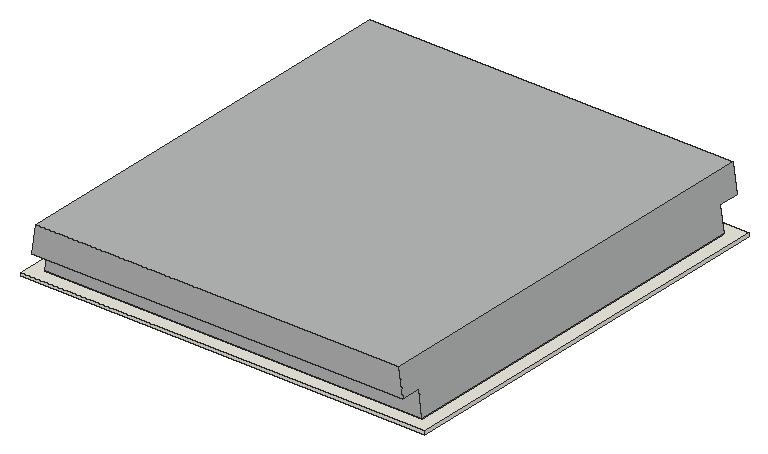
Revit family "OPERLUX", category Осветительные приборы, Revit 2019 (continued)
Types (8, lengths in mm): name | Файл фотометрической сетки | built-in parameter 1150105 | Lumens | built-in parameter 1150106 | built-in parameter 1150142 | Wattage | ADSK_Ток | ADSK_Полная мощность | ADSK_Обозначение | ADSK_Номинальная мощность | ADSK_Наименование | ADSK_Код изделия
  CSVT Operlux - 34/opal-sand (IP20, 4000К, грильято) с БАП на 3 часа | "Светильник OPERLUX-34 PRISMA-(588x588).IES" | 246.69 (stored number, unit not read) | 3100 lm | 2.4669 (stored number, unit not read) | "IESNA:LM-63-95\r\n[TEST] Протокол № 50\r\n[DATA] 17.06.2016\r\n[MORE] \r\n[MANUFAC] ЗАО \"Центрстройсвет\"\r\n[LUMCAT]  Светильник OPERLUX-34/PRISMA-(588x588) \r\n[LUMINAIRE]\r\n[LAMPCAT] Светодиоды\r\n[LAMP] Поток источника света (светодиодов) не известен\r\n[MORE] КСС приведена в абсолютных величинах кд\r\n[MORE] Вместо потока лампы, указан поток светильника.\r\nTILT=NONE\r\n1    3050 1.0 37 73 1 2 0.588 0.588 0.08\r\n1.0 1.0 34\r\n0.0 5.0 10.0 15.0 20.0 25.0 30.0 35.0 40.0 45.0 50.0 55.0 60.0 65.0 70.0 75.0 80.0 85.0 90.0 95.0 100.0 105.0 110.0 115.0 120.0 125.0 130.0 135.0 140.0 145.0 150.0 155.0 160.0 165.0 170.0 175.0 180.0\r\n0.0 5.0 10.0 15.0 20.0 25.0 30.0 35.0 40.0 45.0 50.0 55.0 60.0 65.0 70.0 75.0 80.0 85.0 90.0 95.0 100.0 105.0 110.0 115.0 120.0 125.0 130.0 135.0 140.0 145.0 150.0 155.0 160.0 165.0 170.0 175.0 180.0 185.0 190.0 195.0 200.0 205.0 210.0 215.0 220.0 225.0 230.0 235.0 240.0 245.0 250.0 255.0 260.0 265.0 270.0 275.0 280.0 285.0 290.0 295.0 300.0 305.0 310.0 315.0 320.0 325.0 330.0 335.0 340.0 345.0 350.0 355.0 360.0\r\n1367.8 1364.1 1339.9 1310.7 1251.0 1171.4 1077.9 956.5 826.9 709.2 591.4 468.7 352.2 267.2 190.7 130.0 88.6 43.5 5.5 0.0 0.0 0.0 0.0 0.0 0.0 0.0 0.0 0.0 0.0 0.0 0.0 0.0 0.0 0.0 0.0 0.0 0.0\r\n1367.8 1365.7 1344.6 1309.2 1251.5 1175.2 1073.4 954.2 830.4 711.2 594.6 469.5 356.0 268.7 191.9 132.6 89.9 43.9 6.3 0.0 0.0 0.0 0.0 0.0 0.0 0.0 0.0 0.0 0.0 0.0 0.0 0.0 0.0 0.0 0.0 0.0 0.0\r\n1367.8 1367.4 1347.2 1302.8 1251.5 1178.6 1078.4 958.6 835.1 714.0 597.2 474.3 359.6 268.7 192.7 135.6 92.1 44.3 6.9 0.0 0.0 0.0 0.0 0.0 0.0 0.0 0.0 0.0 0.0 0.0 0.0 0.0 0.0 0.0 0.0 0.0 0.0\r\n1367.8 1368.2 1346.2 1303.1 1250.1 1177.1 1081.4 960.9 838.1 716.2 597.6 475.0 358.6 266.4 190.9 134.8 91.7 44.9 7.0 0.0 0.0 0.0 0.0 0.0 0.0 0.0 0.0 0.0 0.0 0.0 0.0 0.0 0.0 0.0 0.0 0.0 0.0\r\n1367.8 1367.7 1343.5 1306.2 1256.1 1180.0 1081.0 961.6 838.1 714.0 595.7 473.1 356.8 262.2 188.3 132.8 89.3 43.7 6.6 0.0 0.0 0.0 0.0 0.0 0.0 0.0 0.0 0.0 0.0 0.0 0.0 0.0 0.0 0.0 0.0 0.0 0.0\r\n1367.8 1366.2 1344.8 1309.0 1256.2 1184.6 1080.4 962.6 836.8 714.8 593.8 469.6 354.4 260.1 184.9 130.4 88.4 44.2 6.5 0.0 0.0 0.0 0.0 0.0 0.0 0.0 0.0 0.0 0.0 0.0 0.0 0.0 0.0 0.0 0.0 0.0 0.0\r\n1367.8 1364.3 1347.6 1312.1 1259.9 1177.4 1078.5 968.2 849.1 721.6 596.0 467.2 355.0 257.4 183.3 127.1 87.5 45.4 6.5 0.0 0.0 0.0 0.0 0.0 0.0 0.0 0.0 0.0 0.0 0.0 0.0 0.0 0.0 0.0 0.0 0.0 0.0\r\n1367.8 1363.3 1348.8 1312.0 1262.8 1181.2 1077.4 968.8 853.2 730.0 597.2 466.8 353.5 256.9 181.1 124.8 87.2 45.9 6.9 0.0 0.0 0.0 0.0 0.0 0.0 0.0 0.0 0.0 0.0 0.0 0.0 0.0 0.0 0.0 0.0 0.0 0.0\r\n1367.8 1364.0 1350.3 1308.2 1255.9 1182.2 1079.9 969.0 856.0 734.3 601.1 468.4 352.6 254.4 178.0 121.7 85.5 45.0 6.9 0.0 0.0 0.0 0.0 0.0 0.0 0.0 0.0 0.0 0.0 0.0 0.0 0.0 0.0 0.0 0.0 0.0 0.0\r\n1367.8 1364.9 1349.2 1313.0 1259.2 1178.2 1076.4 970.7 860.9 740.8 606.9 469.1 350.2 254.0 175.6 117.8 83.6 43.4 6.7 0.0 0.0 0.0 0.0 0.0 0.0 0.0 0.0 0.0 0.0 0.0 0.0 0.0 0.0 0.0 0.0 0.0 0.0\r\n1367.8 1365.0 1348.6 1315.3 1261.5 1184.1 1082.6 973.9 862.8 745.2 607.9 469.0 350.5 253.1 173.2 116.2 81.4 42.4 6.5 0.0 0.0 0.0 0.0 0.0 0.0 0.0 0.0 0.0 0.0 0.0 0.0 0.0 0.0 0.0 0.0 0.0 0.0\r\n1367.8 1364.4 1347.9 1315.3 1258.7 1186.3 1085.9 970.5 862.2 747.0 613.0 468.8 350.2 252.8 173.4 116.6 79.8 40.9 6.7 0.0 0.0 0.0 0.0 0.0 0.0 0.0 0.0 0.0 0.0 0.0 0.0 0.0 0.0 0.0 0.0 0.0 0.0\r\n1367.8 1363.4 1347.0 1308.3 1258.6 1184.3 1089.8 973.9 867.7 742.3 606.2 467.0 350.0 252.6 175.4 119.1 79.8 42.1 7.1 0.0 0.0 0.0 0.0 0.0 0.0 0.0 0.0 0.0 0.0 0.0 0.0 0.0 0.0 0.0 0.0 0.0 0.0\r\n1367.8 1362.6 1348.4 1308.2 1261.4 1190.2 1088.3 978.6 869.6 744.0 601.1 462.4 350.2 253.6 175.9 123.0 83.5 45.3 7.8 0.0 0.0 0.0 0.0 0.0 0.0 0.0 0.0 0.0 0.0 0.0 0.0 0.0 0.0 0.0 0.0 0.0 0.0\r\n1367.8 1362.3 1347.3 1311.1 1262.3 1191.1 1093.6 982.5 872.1 746.6 597.2 461.1 348.8 251.4 176.3 127.6 89.2 48.5 7.9 0.0 0.0 0.0 0.0 0.0 0.0 0.0 0.0 0.0 0.0 0.0 0.0 0.0 0.0 0.0 0.0 0.0 0.0\r\n1367.8 1362.5 1345.8 1316.1 1260.6 1190.3 1096.8 982.6 873.3 743.8 593.1 456.4 347.2 250.6 175.7 130.9 94.2 51.8 9.3 0.0 0.0 0.0 0.0 0.0 0.0 0.0 0.0 0.0 0.0 0.0 0.0 0.0 0.0 0.0 0.0 0.0 0.0\r\n1367.8 1363.2 1345.2 1315.5 1267.1 1195.5 1096.1 995.9 871.3 740.3 589.0 455.0 342.8 246.9 174.2 131.9 97.1 52.4 10.1 0.0 0.0 0.0 0.0 0.0 0.0 0.0 0.0 0.0 0.0 0.0 0.0 0.0 0.0 0.0 0.0 0.0 0.0\r\n1367.8 1364.5 1346.0 1317.2 1264.0 1194.7 1102.6 991.8 873.9 736.2 584.7 454.3 338.6 243.0 171.3 130.1 99.3 53.7 9.5 0.0 0.0 0.0 0.0 0.0 0.0 0.0 0.0 0.0 0.0 0.0 0.0 0.0 0.0 0.0 0.0 0.0 0.0\r\n1367.8 1365.9 1346.4 1317.1 1264.0 1198.2 1105.3 994.6 872.6 727.7 582.0 451.8 335.8 239.9 168.3 127.6 100.0 55.8 7.5 0.0 0.0 0.0 0.0 0.0 0.0 0.0 0.0 0.0 0.0 0.0 0.0 0.0 0.0 0.0 0.0 0.0 0.0\r\n1367.8 1366.3 1344.9 1317.5 1265.6 1200.4 1108.2 997.2 868.8 722.7 575.8 446.5 333.1 238.4 167.7 126.3 98.1 56.1 8.8 0.0 0.0 0.0 0.0 0.0 0.0 0.0 0.0 0.0 0.0 0.0 0.0 0.0 0.0 0.0 0.0 0.0 0.0\r\n1367.8 1365.9 1344.0 1313.0 1263.2 1200.6 1104.3 997.0 862.7 720.9 568.5 441.0 331.7 237.8 167.7 126.3 96.7 53.7 9.4 0.0 0.0 0.0 0.0 0.0 0.0 0.0 0.0 0.0 0.0 0.0 0.0 0.0 0.0 0.0 0.0 0.0 0.0\r\n1367.8 1365.3 1346.1 1312.6 1263.0 1198.3 1108.1 995.3 861.6 712.7 563.4 437.4 331.4 236.8 165.9 124.7 95.3 55.2 9.1 0.0 0.0 0.0 0.0 0.0 0.0 0.0 0.0 0.0 0.0 0.0 0.0 0.0 0.0 0.0 0.0 0.0 0.0\r\n1367.8 1364.9 1349.2 1313.0 1262.9 1199.0 1108.3 993.8 855.7 710.3 563.1 435.2 329.9 233.9 163.4 121.6 92.0 55.1 8.8 0.0 0.0 0.0 0.0 0.0 0.0 0.0 0.0 0.0 0.0 0.0 0.0 0.0 0.0 0.0 0.0 0.0 0.0\r\n1367.8 1364.1 1352.0 1313.2 1259.2 1197.0 1104.6 988.6 849.9 704.2 562.4 433.5 327.9 230.5 158.4 116.9 87.6 51.4 7.8 0.0 0.0 0.0 0.0 0.0 0.0 0.0 0.0 0.0 0.0 0.0 0.0 0.0 0.0 0.0 0.0 0.0 0.0\r\n1367.8 1363.0 1349.6 1313.3 1257.8 1193.2 1098.7 980.1 848.0 708.1 565.6 433.4 325.1 228.0 154.2 111.3 83.7 49.7 7.5 0.0 0.0 0.0 0.0 0.0 0.0 0.0 0.0 0.0 0.0 0.0 0.0 0.0 0.0 0.0 0.0 0.0 0.0\r\n1367.8 1361.9 1346.7 1314.1 1256.8 1193.2 1093.6 977.6 847.2 708.6 569.1 434.8 324.5 225.9 151.7 107.5 81.6 48.9 7.3 0.0 0.0 0.0 0.0 0.0 0.0 0.0 0.0 0.0 0.0 0.0 0.0 0.0 0.0 0.0 0.0 0.0 0.0\r\n1367.8 1361.2 1345.0 1309.5 1261.1 1193.3 1089.9 973.2 851.1 709.3 572.7 435.0 323.4 225.4 152.1 105.8 80.4 49.9 7.3 0.0 0.0 0.0 0.0 0.0 0.0 0.0 0.0 0.0 0.0 0.0 0.0 0.0 0.0 0.0 0.0 0.0 0.0\r\n1367.8 1360.5 1345.3 1307.2 1258.6 1186.4 1085.9 974.0 847.9 714.1 575.5 436.8 321.2 223.3 152.0 105.2 79.8 49.6 8.0 0.0 0.0 0.0 0.0 0.0 0.0 0.0 0.0 0.0 0.0 0.0 0.0 0.0 0.0 0.0 0.0 0.0 0.0\r\n1367.8 1360.0 1344.3 1308.1 1257.8 1178.2 1085.3 975.1 848.7 715.2 575.4 439.1 318.7 223.0 150.8 104.3 79.3 49.5 8.2 0.0 0.0 0.0 0.0 0.0 0.0 0.0 0.0 0.0 0.0 0.0 0.0 0.0 0.0 0.0 0.0 0.0 0.0\r\n1367.8 1360.5 1346.2 1311.6 1256.3 1174.7 1082.9 978.6 851.4 710.5 574.9 440.6 317.9 221.6 152.3 106.4 79.3 48.7 8.4 0.0 0.0 0.0 0.0 0.0 0.0 0.0 0.0 0.0 0.0 0.0 0.0 0.0 0.0 0.0 0.0 0.0 0.0\r\n1367.8 1361.9 1350.3 1309.3 1252.2 1172.6 1080.3 970.8 851.2 713.3 570.6 439.7 319.0 222.4 154.5 110.7 81.7 47.4 8.1 0.0 0.0 0.0 0.0 0.0 0.0 0.0 0.0 0.0 0.0 0.0 0.0 0.0 0.0 0.0 0.0 0.0 0.0\r\n1367.8 1363.7 1348.0 1307.6 1253.5 1171.4 1087.1 971.6 851.9 710.7 569.9 438.2 323.8 226.5 159.3 115.4 83.3 45.0 7.6 0.0 0.0 0.0 0.0 0.0 0.0 0.0 0.0 0.0 0.0 0.0 0.0 0.0 0.0 0.0 0.0 0.0 0.0\r\n1367.8 1365.3 1346.4 1312.3 1251.8 1172.7 1086.5 974.6 847.7 705.0 567.7 442.4 326.6 234.0 164.3 120.1 85.8 43.9 7.4 0.0 0.0 0.0 0.0 0.0 0.0 0.0 0.0 0.0 0.0 0.0 0.0 0.0 0.0 0.0 0.0 0.0 0.0\r\n1367.8 1366.2 1347.0 1309.1 1250.4 1170.7 1085.2 978.5 846.6 705.8 567.4 441.3 331.1 236.3 167.7 122.8 88.4 45.0 8.1 0.0 0.0 0.0 0.0 0.0 0.0 0.0 0.0 0.0 0.0 0.0 0.0 0.0 0.0 0.0 0.0 0.0 0.0\r\n1367.8 1366.0 1347.9 1306.2 1240.5 1166.7 1082.2 977.2 844.2 702.8 566.8 442.7 335.1 241.3 169.7 123.7 90.0 45.9 9.2 0.0 0.0 0.0 0.0 0.0 0.0 0.0 0.0 0.0 0.0 0.0 0.0 0.0 0.0 0.0 0.0 0.0 0.0\r\n1367.8 1364.3 1346.5 1311.7 1250.6 1170.3 1080.9 980.5 844.4 703.8 569.8 446.4 334.2 240.3 169.5 121.7 87.9 46.9 9.3 0.0 0.0 0.0 0.0 0.0 0.0 0.0 0.0 0.0 0.0 0.0 0.0 0.0 0.0 0.0 0.0 0.0 0.0\r\n1367.8 1361.6 1341.0 1307.3 1249.6 1169.2 1088.8 980.5 845.1 706.2 571.7 444.8 333.0 238.4 168.9 120.7 87.1 47.8 7.8 0.0 0.0 0.0 0.0 0.0 0.0 0.0 0.0 0.0 0.0 0.0 0.0 0.0 0.0 0.0 0.0 0.0 0.0\r\n1367.8 1359.4 1337.2 1303.3 1252.4 1170.4 1080.4 978.1 841.4 701.4 566.4 444.4 333.5 241.2 169.4 122.2 88.2 47.2 9.5 0.0 0.0 0.0 0.0 0.0 0.0 0.0 0.0 0.0 0.0 0.0 0.0 0.0 0.0 0.0 0.0 0.0 0.0\r\n1367.8 1359.3 1342.6 1310.3 1242.7 1173.0 1078.8 976.3 844.8 702.0 565.3 440.7 332.8 240.9 169.9 123.5 89.5 46.1 9.1 0.0 0.0 0.0 0.0 0.0 0.0 0.0 0.0 0.0 0.0 0.0 0.0 0.0 0.0 0.0 0.0 0.0 0.0\r\n1367.8 1361.3 1345.4 1306.4 1248.2 1167.7 1080.4 980.5 846.8 703.5 567.2 443.4 333.2 240.2 168.7 123.1 88.4 46.2 8.4 0.0 0.0 0.0 0.0 0.0 0.0 0.0 0.0 0.0 0.0 0.0 0.0 0.0 0.0 0.0 0.0 0.0 0.0\r\n1367.8 1364.4 1343.1 1308.2 1251.3 1170.9 1084.2 980.8 848.5 707.7 571.1 445.6 332.7 238.1 167.5 120.7 85.6 44.6 7.7 0.0 0.0 0.0 0.0 0.0 0.0 0.0 0.0 0.0 0.0 0.0 0.0 0.0 0.0 0.0 0.0 0.0 0.0\r\n1367.8 1366.7 1342.9 1310.2 1254.3 1176.8 1087.8 981.7 853.4 711.9 574.2 446.0 329.4 232.8 162.6 116.6 83.7 45.3 8.1 0.0 0.0 0.0 0.0 0.0 0.0 0.0 0.0 0.0 0.0 0.0 0.0 0.0 0.0 0.0 0.0 0.0 0.0\r\n1367.8 1367.7 1346.5 1310.6 1258.1 1183.1 1085.5 978.6 854.1 714.2 577.9 448.7 327.1 229.4 158.3 112.1 82.0 47.9 9.0 0.0 0.0 0.0 0.0 0.0 0.0 0.0 0.0 0.0 0.0 0.0 0.0 0.0 0.0 0.0 0.0 0.0 0.0\r\n1367.8 1367.3 1348.0 1310.6 1262.6 1180.1 1086.5 982.6 856.7 719.8 579.9 448.7 324.7 226.8 155.7 107.8 80.3 50.1 9.5 0.0 0.0 0.0 0.0 0.0 0.0 0.0 0.0 0.0 0.0 0.0 0.0 0.0 0.0 0.0 0.0 0.0 0.0\r\n1367.8 1365.6 1348.6 1309.9 1259.0 1186.0 1089.0 979.4 855.0 722.2 584.2 450.5 325.6 227.6 155.8 107.2 80.5 51.4 9.6 0.0 0.0 0.0 0.0 0.0 0.0 0.0 0.0 0.0 0.0 0.0 0.0 0.0 0.0 0.0 0.0 0.0 0.0\r\n1367.8 1363.3 1347.7 1306.8 1261.1 1190.7 1095.5 982.3 860.8 723.2 585.7 446.3 327.8 230.3 158.2 109.3 81.7 51.4 9.3 0.0 0.0 0.0 0.0 0.0 0.0 0.0 0.0 0.0 0.0 0.0 0.0 0.0 0.0 0.0 0.0 0.0 0.0\r\n1367.8 1361.0 1344.4 1306.7 1264.4 1191.7 1095.0 984.8 858.7 723.1 583.6 444.8 328.4 232.3 158.6 109.9 81.8 51.7 9.0 0.0 0.0 0.0 0.0 0.0 0.0 0.0 0.0 0.0 0.0 0.0 0.0 0.0 0.0 0.0 0.0 0.0 0.0\r\n1367.8 1359.1 1344.3 1308.4 1263.8 1198.1 1102.2 989.8 861.5 721.8 582.8 444.8 331.3 233.7 158.6 111.1 83.0 50.9 8.9 0.0 0.0 0.0 0.0 0.0 0.0 0.0 0.0 0.0 0.0 0.0 0.0 0.0 0.0 0.0 0.0 0.0 0.0\r\n1367.8 1357.8 1346.5 1313.8 1263.6 1192.7 1107.0 996.3 859.5 718.8 579.1 442.9 332.1 234.9 160.7 114.1 84.6 51.0 9.2 0.0 0.0 0.0 0.0 0.0 0.0 0.0 0.0 0.0 0.0 0.0 0.0 0.0 0.0 0.0 0.0 0.0 0.0\r\n1367.8 1357.7 1347.3 1313.2 1264.3 1198.9 1108.1 998.6 864.9 718.7 573.2 441.1 332.1 237.8 164.0 118.2 87.5 52.0 9.8 0.0 0.0 0.0 0.0 0.0 0.0 0.0 0.0 0.0 0.0 0.0 0.0 0.0 0.0 0.0 0.0 0.0 0.0\r\n1367.8 1358.5 1346.9 1313.1 1266.5 1195.6 1112.2 1002.8 870.4 722.5 574.7 443.8 335.7 239.1 166.4 121.6 91.2 55.8 10.9 0.0 0.0 0.0 0.0 0.0 0.0 0.0 0.0 0.0 0.0 0.0 0.0 0.0 0.0 0.0 0.0 0.0 0.0\r\n1367.8 1359.8 1344.7 1312.9 1269.5 1203.1 1107.5 1002.6 874.5 724.4 574.3 444.8 335.5 240.3 169.6 124.4 94.2 56.9 11.6 0.0 0.0 0.0 0.0 0.0 0.0 0.0 0.0 0.0 0.0 0.0 0.0 0.0 0.0 0.0 0.0 0.0 0.0\r\n1367.8 1361.7 1344.5 1316.7 1266.1 1199.3 1111.1 1004.7 879.7 733.6 577.6 446.7 337.8 241.2 168.7 126.0 96.3 56.5 11.7 0.0 0.0 0.0 0.0 0.0 0.0 0.0 0.0 0.0 0.0 0.0 0.0 0.0 0.0 0.0 0.0 0.0 0.0\r\n1367.8 1363.9 1346.7 1316.2 1265.7 1198.1 1117.1 1006.7 882.1 737.2 586.5 450.4 338.9 242.3 167.8 125.5 98.6 58.1 10.5 0.0 0.0 0.0 0.0 0.0 0.0 0.0 0.0 0.0 0.0 0.0 0.0 0.0 0.0 0.0 0.0 0.0 0.0\r\n1367.8 1365.2 1345.4 1319.5 1265.7 1198.8 1109.1 1003.5 876.9 742.6 589.1 456.4 341.1 242.1 167.5 126.8 100.2 57.9 8.8 0.0 0.0 0.0 0.0 0.0 0.0 0.0 0.0 0.0 0.0 0.0 0.0 0.0 0.0 0.0 0.0 0.0 0.0\r\n1367.8 1365.0 1345.2 1312.9 1265.8 1199.0 1109.7 999.6 877.6 742.6 595.8 457.7 342.1 245.3 170.4 128.5 99.0 56.9 11.0 0.0 0.0 0.0 0.0 0.0 0.0 0.0 0.0 0.0 0.0 0.0 0.0 0.0 0.0 0.0 0.0 0.0 0.0\r\n1367.8 1364.1 1347.9 1311.6 1271.1 1195.3 1102.7 998.9 881.1 745.5 597.2 460.9 345.1 248.6 174.0 129.7 96.5 55.6 11.2 0.0 0.0 0.0 0.0 0.0 0.0 0.0 0.0 0.0 0.0 0.0 0.0 0.0 0.0 0.0 0.0 0.0 0.0\r\n1367.8 1363.0 1347.3 1314.0 1269.6 1192.3 1104.9 991.5 878.3 748.8 603.5 463.3 348.1 251.3 177.2 130.4 94.2 55.0 10.3 0.0 0.0 0.0 0.0 0.0 0.0 0.0 0.0 0.0 0.0 0.0 0.0 0.0 0.0 0.0 0.0 0.0 0.0\r\n1367.8 1362.4 1346.2 1314.7 1264.3 1194.7 1094.8 992.0 878.4 749.1 608.2 465.6 349.4 252.9 177.2 127.6 90.1 51.7 8.7 0.0 0.0 0.0 0.0 0.0 0.0 0.0 0.0 0.0 0.0 0.0 0.0 0.0 0.0 0.0 0.0 0.0 0.0\r\n1367.8 1362.7 1348.0 1314.5 1265.5 1196.6 1094.9 983.4 872.0 752.6 609.3 469.0 352.6 254.1 177.1 125.0 85.8 47.2 8.1 0.0 0.0 0.0 0.0 0.0 0.0 0.0 0.0 0.0 0.0 0.0 0.0 0.0 0.0 0.0 0.0 0.0 0.0\r\n1367.8 1362.9 1347.6 1317.1 1264.6 1191.1 1090.4 981.6 868.8 748.7 612.1 472.2 352.0 253.6 176.2 121.4 83.1 43.4 6.9 0.0 0.0 0.0 0.0 0.0 0.0 0.0 0.0 0.0 0.0 0.0 0.0 0.0 0.0 0.0 0.0 0.0 0.0\r\n1367.8 1362.5 1343.6 1318.7 1268.8 1192.3 1085.5 974.5 866.1 750.5 612.3 472.0 350.7 253.1 174.7 119.5 83.2 43.3 6.3 0.0 0.0 0.0 0.0 0.0 0.0 0.0 0.0 0.0 0.0 0.0 0.0 0.0 0.0 0.0 0.0 0.0 0.0\r\n1367.8 1362.1 1341.3 1317.3 1267.8 1185.0 1082.2 972.1 864.2 747.6 611.4 473.0 350.1 254.2 174.7 118.9 84.4 45.4 6.1 0.0 0.0 0.0 0.0 0.0 0.0 0.0 0.0 0.0 0.0 0.0 0.0 0.0 0.0 0.0 0.0 0.0 0.0\r\n1367.8 1362.2 1343.6 1308.9 1260.0 1189.4 1084.9 971.7 859.6 740.4 606.9 470.8 351.4 253.9 176.6 120.3 86.5 45.9 6.5 0.0 0.0 0.0 0.0 0.0 0.0 0.0 0.0 0.0 0.0 0.0 0.0 0.0 0.0 0.0 0.0 0.0 0.0\r\n1367.8 1363.0 1342.9 1314.5 1263.9 1184.9 1081.6 971.9 853.4 735.2 605.3 467.7 352.3 254.8 180.1 122.7 87.8 46.6 6.8 0.0 0.0 0.0 0.0 0.0 0.0 0.0 0.0 0.0 0.0 0.0 0.0 0.0 0.0 0.0 0.0 0.0 0.0\r\n1367.8 1364.3 1340.2 1313.1 1261.0 1182.5 1084.4 971.4 852.3 730.7 600.0 466.2 354.3 255.8 181.2 124.6 88.4 46.8 6.6 0.0 0.0 0.0 0.0 0.0 0.0 0.0 0.0 0.0 0.0 0.0 0.0 0.0 0.0 0.0 0.0 0.0 0.0\r\n1367.8 1365.9 1343.5 1308.2 1258.3 1181.3 1083.1 966.4 845.6 721.0 594.9 467.0 352.2 259.1 183.4 126.7 88.1 45.4 6.1 0.0 0.0 0.0 0.0 0.0 0.0 0.0 0.0 0.0 0.0 0.0 0.0 0.0 0.0 0.0 0.0 0.0 0.0\r\n1367.8 1366.3 1345.1 1308.7 1254.7 1177.8 1080.9 969.9 838.6 714.9 593.4 465.7 351.7 258.6 185.5 129.6 88.1 44.0 5.9 0.0 0.0 0.0 0.0 0.0 0.0 0.0 0.0 0.0 0.0 0.0 0.0 0.0 0.0 0.0 0.0 0.0 0.0\r\n1367.8 1364.5 1343.2 1306.3 1248.4 1177.3 1082.4 962.7 833.3 713.0 595.0 468.9 352.8 260.9 187.3 132.3 88.7 43.5 6.0 0.0 0.0 0.0 0.0 0.0 0.0 0.0 0.0 0.0 0.0 0.0 0.0 0.0 0.0 0.0 0.0 0.0 0.0\r\n1367.8 1362.4 1346.0 1305.7 1255.8 1170.9 1078.4 956.8 832.7 709.6 592.6 470.6 355.6 263.8 189.2 133.7 90.3 44.0 6.3 0.0 0.0 0.0 0.0 0.0 0.0 0.0 0.0 0.0 0.0 0.0 0.0 0.0 0.0 0.0 0.0 0.0 0.0\r\n1367.8 1362.0 1346.8 1311.0 1252.6 1177.3 1074.5 958.3 825.6 709.7 591.0 467.7 356.3 264.6 188.4 133.0 90.3 43.3 6.2 0.0 0.0 0.0 0.0 0.0 0.0 0.0 0.0 0.0 0.0 0.0 0.0 0.0 0.0 0.0 0.0 0.0 0.0\r\n1367.8 1363.0 1341.5 1311.3 1242.3 1175.5 1082.4 953.9 818.8 707.4 591.0 466.6 352.5 265.4 188.6 130.9 89.0 43.1 6.3 0.0 0.0 0.0 0.0 0.0 0.0 0.0 0.0 0.0 0.0 0.0 0.0 0.0 0.0 0.0 0.0 0.0 0.0\r\n1367.8 1364.1 1339.9 1310.7 1251.0 1171.4 1077.9 956.5 826.9 709.2 591.4 468.7 352.2 267.2 190.7 130.0 88.6 43.5 5.5 0.0 0.0 0.0 0.0 0.0 0.0 0.0 0.0 0.0 0.0 0.0 0.0 0.0 0.0 0.0 0.0 0.0 0.0\r\n" | 20.8695 W | 0.151229 A | 34.7826 VA | "CSVT Operlux-34/opal-sand (IP20, 4000К, грильято)" | 32 W | "Встраиваемый светодиодный светильник CSVT Operlux-34/opal-sand (IP20, 4000К, грильято) с БАП на 3 часа" | "ЦБ000007882"
